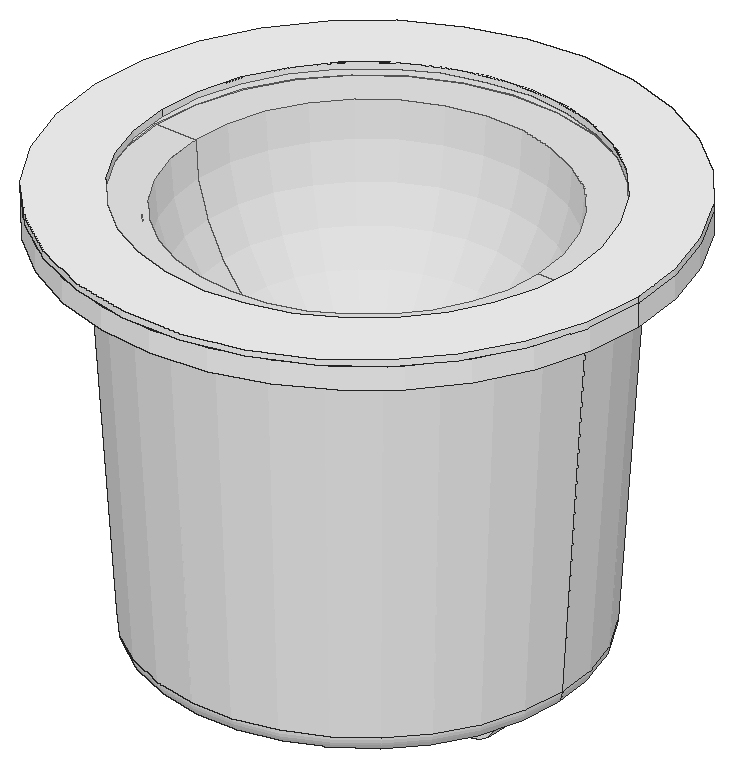
Revit family "2058928", category Lighting Fixtures, host Face, Revit 2018
Family settings
  Host = Face
  Round Connector Dimension = Use Diameter
  Part Type = Normal
  OmniClass Number = 23.80.70.11.17
  OmniClass Title = Specialized Lighting by Location or Use
  Cut with Voids When Loaded = No
  Light Source = Yes
  Shared = No
  Room Calculation Point = No
Parameters (values of type "2058928 MYRIAD DECO IP65 SP 2.7K PHD WH CBEZ")
  Weight = "n/a"
  Wattage = 15 W
  WarrantyStartDate [instance] = "n/a"
  WarrantyGuarantorParts = "n/a"
  WarrantyDurationUnit = "n/a"
  WarrantyDurationParts = ""
  WarrantyDescription = "http://www.sylvania-lighting.com"
  built-in parameter 1150110 = 1 (stored number, unit not read)
  Voltage = 230 V
  URL = "0"
  TypeName = "MYRIAD DECO IP65 SPOT 2700K PHDM WHITE CBEZ"
  Type Image = 0
  Type Comments = ""
  built-in parameter 1114217 = 1 (stored number, unit not read)
  Tilt Angle = -90°
  built-in parameter 1150109 = 1 (stored number, unit not read)
  built-in parameter 1150134 = (empty or 0)
  built-in parameter 1150113 = 1 (stored number, unit not read)
  SerialNumber [instance] = "n/a"
  Reflector Radius = Cutout Diameter / 2 - 2.5 mm  # 35.0 mm
  Reflector Material = Aluminum_Sylvania_Myriad_Bright
  Recessed Depth = Height  # 72.0 mm
  PowerFactor = 0
  PowerConsumption = "Lighting"
  Photometric Web File = "2058928.ies"
  NominalWidth = 0.0 mm
  NominalLength = 76.0 mm
  NominalHeight = 72.0 mm
  Name = "MYRIAD DECO IP65 SPOT 2700K PHDM WHITE CBEZ"
  ModelReference = "MYRIAD DECO IP65 SPOT 2700K PHDM WHITE CBEZ"
  ModelNumber = "2058928"
  Material = "Feilo Sylvania"
  ManufacturerName = "124 lm/W"
  LuminousEfficacy = ""
  LuminaireType = "0"
  LightOutputRatio = "LED"
  LampsType = Lamp  # "n/a"
  LampNominalLuminous = "2700 K"
  LampMacAdamStep = "85"
  LampColourTemperature = "LED"
  LampColourRenderingIndex = "16500"
  Keynote = "n/a"
  Keynote_2 = "16500"
  InstallationDate [instance] = "n/a"
  InputVoltage = "0"
  InputNominalFrequency = "2700"
  IngressProtection = "IfcLightFixtureType"
  ImpactProtectionIndex = "IfcLightFixtureType"
  IfcExportType = "IfcLightFixtureType"
  IfcExportAs = "Class II"
  Height = 72.0 mm  # constant formula
  ExpectedLife = 50000
  Emit from Circle Diameter = Accessory Inner Diameter 2  # 68.0 mm
  Emit Shape Visible in Rendering = no
  ElectricShockClassification = "124"
  DurationUnit = "hours"
  DocumentationLiterature = "http://www.sylvania-lighting.com/product/en-int/products/2058928"
  DimmingControlOptions = "n/a"
  Diffuser Material = Glass_Sylvania_Myriad_Clear_4000K
  Diffuser Diameter = Cutout Diameter  # 75.0 mm
  Cutout Diameter = 75.0 mm  # constant formula
  CreatedOn = "03/02/2022"
  CreatedBy = "@sylvania-lighting.com"
  Cost = 0
  built-in parameter 1114216 [instance] = 1 (stored number, unit not read)
  Model = "MYRIAD DECO IP65 SPOT 2700K PHDM WHITE CBEZ"
  Manufacturer = "Feilo Sylvania"  # constant formula
  built-in parameter 1150105 = 83.556 (stored number, unit not read)
  Lumens = 1050 lm
  built-in parameter 1150115 = 1 (stored number, unit not read)
  built-in parameter 1150137 = (empty or 0)
  built-in parameter 1150139 = (empty or 0)
  built-in parameter 1150112 = 1 (stored number, unit not read)
  built-in parameter 1150114 = 1 (stored number, unit not read)
  Lamp = "n/a"
  built-in parameter 1150132 = (empty or 0)
  built-in parameter 1150102 = (empty or 0)
  built-in parameter 1150107 = 2700 (stored number, unit not read)
  built-in parameter 1150138 = (empty or 0)
  built-in parameter 1150106 = 0.83556 (stored number, unit not read)
  built-in parameter 1150104 = 6.5032 (stored number, unit not read)
  Dimming Lamp Color Temperature Shift = <None>
  Description = "Supplied complete with electronic control gear Compact Fluorescent low energy downlight Emergency version passes through the cut out Ideal for low level orientation lighting New range of Architectural accessories each providing a different lit dimension New completely flush plaster up accessory ring for clean ceiling lines and smooth finish Order lamp separately"  # constant formula
  Default Elevation = 0.0 mm
  Color Filter = 16777215
  built-in parameter 1140040 [instance] = 1
  Body Radius = Reflector Radius + 1.5 mm  # 36.5 mm
  Body Material = Aluminum_Sylvania_Myriad_Gray
  BarCode [instance] = "n/a"
  built-in parameter 1114218 = 1 (stored number, unit not read)
  built-in parameter 1150133 = 10 (stored number, unit not read)
  AssetType = "Fixed"
  AssetIdentifier [instance] = "n/a"
  Assembly Code = "D5020200"
  Apparent Load = 10 VA
  Accessory Material = Aluminum_Sylvania_Myriad_White
  Accessory Inner Diameter 2 = Accessory Diameter - 22.0 mm  # 68.0 mm
  Accessory Inner Diameter 1 = Accessory Diameter - 2.0 mm  # 88.0 mm
  Accessory Diameter = Cutout Diameter + 15.0 mm  # 90.0 mm
Reference planes
  plane 1 "Center (Front/Back)": y = 0
  plane 2: z = 0
  plane 3 "Center (Left/Right)": x = 0
  plane 4: z = 2
  plane 5 "Fixture Bottom": z = 4.5
  plane 6: z = -28.5
  plane 7: z = -61.5
  plane 8 "Fixture Top": z = -67.5
  plane 9: z = 3.5
Forms (mm)
  Revolve 1, solid, material "Aluminum_Sylvania_Myriad_Bright" <- "Reflector Material", detail levels fine
    sketch origin (0, 0, 0) x (1, 0, 0) y (0, 0, 1)
      loop
        line (0, -27.515) -> (-6, -27.515)
        arc (-6, -27.515) -> (-22.333, -16.632) -> (-28.5, 2) r 30.135
        line (-28.5, 2) -> (-35, 2) -> (-35, 0) -> (-29.184, 0)
        arc (-29.184, 0) -> (-22.423, -18.18) -> (-6, -28.5) r 30.204
        line (-6, -28.5) -> (0, -28.5) -> (0, -27.515)
      axis (0, -28.5) -> (0, 2)
    angle from 0 to 360
  Revolve 2, solid, material "Aluminum_Sylvania_Myriad_Gray" <- "Body Material", detail levels fine
    sketch origin (0, 0, 0) x (1, 0, 0) y (0, 0, 1)
      loop
        line (-44, 2) -> (-44, 0) -> (-36.5, 0) -> (-32.42, -58.708)
        arc (-32.42, -58.708) -> (-31.474, -60.694) -> (-29.428, -61.5) r 3
        line (-29.428, -61.5) -> (0, -61.5) -> (0, -28.5) -> (-6, -28.5)
        arc (-6, -28.5) -> (-22.423, -18.18) -> (-29.184, 0) r 30.204
        line (-29.184, 0) -> (-35, 0) -> (-35, 2) -> (-44, 2)
      axis (0, 2) -> (0, -61.5)
    angle from 0 to 360
  Extrusion 3, solid, material "Aluminum_Sylvania_Myriad_Gray" <- "Body Material", detail levels fine
    sketch origin (0, 0, 0) x (1, 0, 0) y (0, 0, 1)
      loop
        line (-13.5, -67.5) -> (21, -67.5)
        arc (21, -67.5) -> (23.828, -66.328) -> (25, -63.5) r 4
        line (25, -63.5) -> (25, -61.5) -> (-17.5, -61.5) -> (-17.5, -63.5)
        arc (-17.5, -63.5) -> (-16.328, -66.328) -> (-13.5, -67.5) r 4
    from -4.5 to 4.5
  Extrusion 4, solid, material "Aluminum_Sylvania_Myriad_White" <- "Accessory Material", detail levels fine
    sketch origin (0, 0, 0) x (1, 0, 0) y (0, 1, 0)
      loop
        circle (0, 0) r 45
      loop
        circle (0, 0) r 44
    from 0 to 3.5
  Extrusion 5, solid, material "Aluminum_Sylvania_Myriad_White" <- "Accessory Material", detail levels fine
    sketch origin (0, 0, 0) x (1, 0, 0) y (0, 1, 0)
      loop
        circle (0, 0) r 45
      loop
        circle (0, 0) r 34
    from 3.5 to 4.5
  Extrusion 6, solid, material "Aluminum_Sylvania_Myriad_White" <- "Accessory Material", detail levels coarse+medium
    sketch origin (0, 0, 0) x (1, 0, 0) y (0, 1, 0)
      loop
        circle (0, 0) r 45
    from 0 to 4.5
  Revolve 7, solid, detail levels coarse+medium
    sketch origin (0, 0, 0) x (1, 0, 0) y (0, 0, 1)
      loop
        line (36.5, 0) -> (0, 0) -> (0, -61.5) -> (32.226, -61.5) -> (36.5, 0)
      axis (0, 0) -> (0, -61.5)
    angle from 0 to 360
  Extrusion 8, void
    sketch origin (0, 0, 0) x (1, 0, 0) y (0, 1, 0)
      loop
        circle (0, 0) r 37.5
    from -67.5 to 0
  Extrusion 9, solid, material "Glass_Sylvania_Myriad_Clear_4000K" <- "Diffuser Material", detail levels fine
    sketch origin (0, 0, 0) x (1, 0, 0) y (0, 1, 0)
      loop
        circle (0, 0) r 37.5
    from 2 to 3.5
Cuts and joins
  joined: Extrusion 4, Extrusion 5
Lines and regions (mm)
  Masking region 1
    outline origin (0, 0, 0) x (1, 0, 0) y (0, 1, 0)
      loop
        circle (0, 0) r 45
  symbolic lines
    curve 1: arc (-34, 0, 0) -> (0, 34, 0) -> (34, 0, 0) r 34
    curve 2: arc (34, 0, 0) -> (0, -34, 0) -> (-34, 0, 0) r 34
Dimensions and locks
  locked: plane 7 to plane 8 "Fixture Top" at 6
  "Body Radius": Revolve 7 sketch curve to plane 3 "Center (Left/Right)"
  locked: Revolve 7 sketch curve to Revolve 7 sketch curve at 4.274
  plane 5 "Fixture Bottom" to plane 9 to plane 4 to plane 2 to plane 6 = 1.0 mm locked, 1.5 mm locked, 2.0 mm locked, 28.5 mm locked
  "Reflector Radius": Revolve 1 sketch curve to plane 3 "Center (Left/Right)"
  Revolve 1 sketch curve to Revolve 1 sketch curve to Revolve 1 sketch curve to Revolve 1 sketch curve = 6.5 mm locked, 22.5 mm locked, 0.0 mm locked
  "Reflector Radius": plane 3 "Center (Left/Right)" to Revolve 2 sketch curve
  Revolve 2 sketch curve to Revolve 2 sketch curve to Revolve 2 sketch curve = 7.5 mm locked, 1.5 mm locked
  Revolve 2 sketch curve to Revolve 2 sketch curve to Revolve 2 sketch curve = 5.816 mm locked, 23.184 mm locked
  Revolve 2 sketch curve to Revolve 2 sketch curve to Revolve 2 sketch curve = 2.58 mm locked, 2.993 mm locked
  "Accessory Diameter": diameter of Extrusion 4 sketch curve
  "Accessory Inner Diameter 1": diameter of Extrusion 4 sketch curve
  "Accessory Diameter": diameter of Extrusion 5 sketch curve
  "Accessory Diameter": diameter of Extrusion 6 sketch curve
  "Cutout Diameter": diameter of Extrusion 8 sketch curve
  "Accessory Inner Diameter 2": diameter of Extrusion 5 sketch curve
  "Diffuser Diameter": diameter of Extrusion 9 sketch curve
  aligned and locked: plane 2 to host face
  aligned and locked: level to host face
  aligned and locked: plane 1 "Center (Front/Back)" to imposter light
  aligned and locked: plane 3 "Center (Left/Right)" to imposter light
  aligned and locked: Revolve 1 sketch curve to imposter light
  aligned and locked: Extrusion 3 sketch curve to plane 8 "Fixture Top"
  aligned and locked: plane 7 to Extrusion 3 sketch curve
  aligned and locked: Extrusion 4 to plane 2
  aligned and locked: plane 9 to Extrusion 4
  aligned and locked: Extrusion 5 to plane 9
  aligned and locked: plane 5 "Fixture Bottom" to Extrusion 5
  aligned and locked: Extrusion 6 to plane 2
  aligned and locked: plane 5 "Fixture Bottom" to Extrusion 6
  aligned and locked: Extrusion 8 to plane 8 "Fixture Top"
  aligned and locked: plane 2 to Extrusion 8
  aligned and locked: Masking region 1 sketch curve to Extrusion 6  (x2)
  aligned and locked: Extrusion 9 to plane 4
  aligned and locked: plane 9 to Extrusion 9
  aligned and locked: plane 4 to Revolve 2 sketch curve
  aligned and locked: Revolve 2 sketch curve to plane 2
  aligned and locked: curve 1 to cut or joined group of Extrusion 4, Extrusion 5
  aligned and locked: curve 2 to cut or joined group of Extrusion 4, Extrusion 5
  aligned and locked: imposter light to plane 5 "Fixture Bottom"
Automatic sketch dimensions
  host sketch curve to host sketch curve = 1305.563 mm
  host sketch curve to host sketch curve = 1283.632 mm
  Extrusion 3 sketch curve to plane 7 = 2.0 mm
  Extrusion 3 sketch curve to plane 3 "Center (Left/Right)" = 13.5 mm
  plane 3 "Center (Left/Right)" to Extrusion 3 sketch curve = 21.0 mm
  Extrusion 3 sketch curve to Extrusion 3 sketch curve = 4.0 mm
  Revolve 1 sketch curve to level = 0.0 mm
  Revolve 1 sketch curve to plane 3 "Center (Left/Right)" = 0.0 mm
  Revolve 1 sketch curve to plane 6 = 0.0 mm
  Revolve 1 sketch curve to plane 4 = 0.0 mm
  Revolve 1 sketch curve to Revolve 1 sketch curve = 0.684 mm
  level to Revolve 1 sketch curve = 0.88 mm
  Revolve 1 sketch curve to plane 4 = 0.363 mm
  Revolve 1 sketch curve to Revolve 1 sketch curve = 0.625 mm
  Revolve 1 sketch curve to plane 8 "Fixture Top" = 232.8 mm
  plane 5 "Fixture Bottom" to Revolve 1 sketch curve = 291.243 mm
  Revolve 2 sketch curve to plane 3 "Center (Left/Right)" = 0.0 mm  (x2)
  Revolve 2 sketch curve to plane 7 = 0.0 mm
  Revolve 2 sketch curve to plane 6 = 0.0 mm
  Revolve 2 sketch curve to level = 0.0 mm
  level to Revolve 2 sketch curve = 0.88 mm
  plane 7 to Revolve 2 sketch curve = 2.792 mm
  Revolve 2 sketch curve to plane 8 "Fixture Top" = 304.774 mm
  plane 5 "Fixture Bottom" to Revolve 2 sketch curve = 1137.105 mm
  Extrusion 4 sketch curve to Extrusion 4 sketch curve = 0.0 mm  (x2)
  plane 1 "Center (Front/Back)" to Extrusion 4 sketch curve = 0.0 mm
  Extrusion 4 sketch curve to plane 3 "Center (Left/Right)" = 0.0 mm
  Extrusion 5 sketch curve to Extrusion 5 sketch curve = 0.0 mm  (x2)
  plane 1 "Center (Front/Back)" to Extrusion 5 sketch curve = 0.0 mm
  Extrusion 5 sketch curve to plane 3 "Center (Left/Right)" = 0.0 mm
  plane 1 "Center (Front/Back)" to Extrusion 6 sketch curve = 0.0 mm
  Extrusion 6 sketch curve to plane 3 "Center (Left/Right)" = 0.0 mm
  Revolve 7 sketch curve to level = 0.0 mm
  Revolve 7 sketch curve to plane 3 "Center (Left/Right)" = 0.0 mm  (x2)
  Revolve 7 sketch curve to plane 7 = 0.0 mm
  Revolve 7 sketch curve to plane 8 "Fixture Top" = 304.774 mm
  plane 5 "Fixture Bottom" to Revolve 7 sketch curve = 43.226 mm
  plane 1 "Center (Front/Back)" to Extrusion 8 sketch curve = 0.0 mm
  Extrusion 8 sketch curve to plane 3 "Center (Left/Right)" = 0.0 mm
  plane 1 "Center (Front/Back)" to Extrusion 9 sketch curve = 0.0 mm
  Extrusion 9 sketch curve to plane 3 "Center (Left/Right)" = 0.0 mm
Connectors
  electrical at (-0.006, -0.019, -67.5), driven by "Apparent Load", driven by "Apparent Load"
    settings: on plane 8 "Fixture Top", index 1, voltage 230 V, apparent load 10 VA, apparent load phase1 10 VA, apparent load phase2 0 VA, apparent load phase3 0 VA, power factor 1, load classification "Lighting", number of poles 1, system type 30, power factor state 1, is connector primary yes, connector utility no, sub classification motor no, connector description ""
